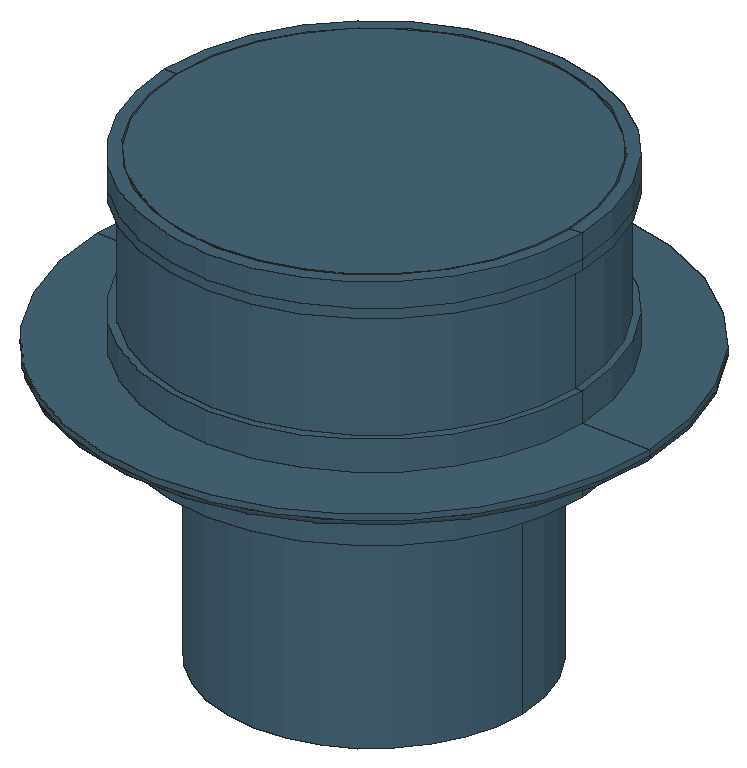
Revit family "Cleanout_Floor-Zurn-Z1400-K", category Plumbing Fixtures, Revit 2022
Family settings
  Round Connector Dimension = Use Radius
  Part Type = Normal
  OmniClass Number = 23.70.50.21.24.14
  OmniClass Title = Deck Waste Water Drains
  Work Plane-Based = No
  Always vertical = Yes
  Cut with Voids When Loaded = No
  Maintain Annotation Orientation = No
  Shared = No
  Room Calculation Point = No
Parameters (values of type "Load Family Type Catalog")
  ZS = no
  ZB/ZN = no
  Z = yes
  Waste Connection = 1 = 1  # yes
  WFU = 1  # constant formula
  Vent Connection = 1 = 0  # no
  URL = "www.zurn.com"
  Type Comments = "ZB1400-K 8 Inch Inside Caulk"
  Top Material = Iron - Zurn - Cast - Painted - Blue
  Product data url = "https://www.bimobject.com/en-us/zurnindustries/product/zurn-z1400-k"
  Product Page URL = "https://www.zurn.com/products/drainage-interceptors/cleanouts/cleanouts/z1400-k"
  Product Installation Sheet URL = ""
  Product Documentation Link = "https://files.zurn.com/spec-sheets/82525.pdf"
  Pipe Size_A Outer Diameter = 6.625"
  Pipe Size_A Nominal Diameter = 6.000"
  Pipe Size_A Inside Diameter = 6.065"
  Modified Date = "02/06/2026"  # constant formula
  Model = "Z1400-K"
  Manufacurer Brand = "Zurn"  # constant formula
  Manufacturer = "Zurn Water, LLC"  # constant formula
  Main Material = Iron - Zurn - Cast - Painted - Blue
  HWFU = 0  # constant formula
  HW Connection = 1 = 0  # no
  Grate Open Area = 0 mm
  Grate Diameter = [Dimension "C"] / 2 - 0.281"  # 4.344"
  Dimension "Y" [instance] = if(Z, if(Enter Y Dimension < 1.375", 1.375", if(Enter Y Dimension > 3.125", 3.125", Enter Y Dimension)), if(ZS, if(Enter Y Dimension < 1.563", 1.563", if(Enter Y Dimension > 3.313", 3.313", Enter Y Dimension)), if([ZB/ZN], if(Enter Y Dimension < 0.875", 0.875", if(Enter Y Dimension > 2.625", 2.625", Enter Y Dimension)), Enter Y Dimension)))  # 3.125"
  Enter Y Dimension [instance] = 10.000"
  Dimension "E" = 6.875"
  Dimension "C" = 9.250"
  Dimension "B" = 12.250"
  Description = "HEAVY-DUTY LEVEL-TROL ADJUSTABLE FLOOR CLEANOUT W/ ANCHOR FLANGE"  # constant formula
  Default Elevation = 20.000"  # constant formula
  Date Created = "02/05/2026"  # constant formula
  Connector Radius = Pipe Size_A Nominal Diameter / 2  # 3.000"
  CWFU = 0  # constant formula
  CW Connection = 1 = 0  # no
  Assembly Code = "D2030300"
  Approx. Weight (Lbs) = 39.200"
Types (3): name | Type Comments | Pipe Size_A Outer Diameter | Pipe Size_A Nominal Diameter | Pipe Size_A Inside Diameter | Grate Diameter | Dimension "E" | Dimension "C" | Dimension "B" | Connector Radius | Assembly Code | Approx. Weight (Lbs)
  (no name) | "ZB1400-K 8 Inch Inside Caulk" | 6.625" | 6.000" | 6.065" | 4.344" | 6.875" | 9.250" | 12.250" | 3.000" | "D2030300" | 39.200"
  Load Family Type Catalog | "ZB1400-K 8 Inch Inside Caulk" | 6.625" | 6.000" | 6.065" | 4.344" | 6.875" | 9.250" | 12.250" | 3.000" | "D2030300" | 39.200"
  Type 2 | "ZB1400-K 2 Inch NH" | 4.500" | 4.000" | 4.026" | 2.2815" | 5.875" | 5.125" | 7.500" | 2.000" | "D2030100" | 18.100"
Reference planes (in)
  plane 1 "Center (Front/Back)": y = 0
  plane 2: z = 0
  plane 3 "Center (Left/Right)": x = 0
  plane 4: x = -4.625
  plane 5: x = 4.625
  plane 6: x = 6.125
  plane 7: x = -6.125
  plane 8: x = -3.0325
  plane 9: x = 3.0325
  plane 10: y = -2.77257
  plane 11 "Top": z = 0
  plane 12 "end": z = -10
  plane 13: x = -3.3125
  plane 14: x = 3.3125
  plane 15: z = -0.52
  plane 16: x = 4.1125
  plane 17: x = -3
  plane 18: x = 3
  plane 19: y = 3
  plane 20: y = -3
  plane 21: z = -3.125
Forms (in)
  Revolve 1, solid, material "Iron - Zurn - Cast - Painted - Blue" <- "Main Material", detail levels fine
    sketch origin (0, 0, 0) x (1, 0, 0) y (0, 0, 1)
      loop
        line (6.125, -3.89822) -> (6.125, -3.77322) -> (4.625, -3.77322) -> (4.625, -3.125) -> (3, -3.125) -> (3, -4.55259) -> (3, -10) -> (3.3125, -10) -> (3.3125, -5.83083) -> (4.475, -5.23384) -> (4.625, -5.23384) -> (4.625, -4.03083) -> (5.9924, -4.03083)
        arc (5.9924, -4.03083) -> (6.08616, -3.99199) -> (6.125, -3.89822) r 0.1326
      axis (0, -3.125) -> (0, -10)
    angle from 0 to 360
  Revolve 2, solid, material "Iron - Zurn - Cast - Painted - Blue" <- "Top Material", detail levels fine
    sketch origin (0, 0, 0) x (1, 0, 0) y (0, 0, 1)
      loop
        line (4.375, 0) -> (4.375, -0.34114) -> (4.375, -3.125) -> (4.4698, -3.125) -> (4.4698, -0.7285) -> (4.625, -0.7285) -> (4.625, -0.52374) -> (4.625, 0) -> (4.375, 0)
      axis (0, -3.125) -> (0, 0)
    angle from 0 to 360
  Extrusion 3, solid, material "Iron - Zurn - Cast - Painted - Blue" <- "Top Material", detail levels fine
    sketch origin (0, 0, 0) x (1, 0, 0) y (0, 1, 0)
      loop
        circle (0, 0) r 4.344
    from -0.52 to 0
Lines and regions (in)
  Masking region 1
    outline origin (0, 0, 0) x (1, 0, 0) y (0, 1, 0)
      loop
        circle (0, 0) r 6.125
  model lines, detail levels coarse+medium
    curve 1: arc (4.625, 0, 0) -> (0, 4.625, 0) -> (-4.625, 0, 0) r 4.625
    curve 2: arc (-4.625, 0, 0) -> (0, -4.625, 0) -> (4.625, 0, 0) r 4.625
    curve 3: arc (4.344, 0, 0) -> (0, 4.344, 0) -> (-4.344, 0, 0) r 4.344
    curve 4: arc (-4.344, 0, 0) -> (0, -4.344, 0) -> (4.344, 0, 0) r 4.344
    curve 5: line (0, 0, 0) -> (0, 0, -10)
    curve 6: line (0, 3, -10) -> (0, -3, -10)
    curve 7: line (-3, 0, -10) -> (3, 0, -10)
Dimensions and locks (in)
  equal spacing: plane 4, plane 3 "Center (Left/Right)", plane 5
  "Dimension "C"": plane 4 to plane 5
  equal spacing: plane 7, plane 3 "Center (Left/Right)", plane 6
  "Dimension "B"": plane 7 to plane 6
  equal spacing: plane 8, plane 3 "Center (Left/Right)", plane 9
  "Pipe Size_A Inside Diameter": plane 8 to plane 9
  locked: plane 10 to plane 1 "Center (Front/Back)" at 2.77257
  locked: Revolve 1 sketch curve to Revolve 1 sketch curve at 0.125
  plane 6 to Revolve 1 sketch curve = 0.1326"
  equal spacing: plane 14, plane 3 "Center (Left/Right)", plane 13
  "Pipe Size_A Outer Diameter": plane 14 to plane 13
  locked: plane 11 "Top" to plane 15 at 0.52
  locked: plane 16 to plane 14 at 0.8
  equal spacing: plane 17, plane 3 "Center (Left/Right)", plane 18
  "Pipe Size_A Nominal Diameter": plane 17 to plane 18
  equal spacing: plane 20, plane 1 "Center (Front/Back)", plane 19
  "Pipe Size_A Nominal Diameter": plane 20 to plane 19
  locked: Revolve 2 sketch curve to Revolve 2 sketch curve at 0.7285
  locked: Revolve 2 sketch curve to Revolve 2 sketch curve at 0.1552
  locked: plane 5 to Revolve 2 sketch curve at 0.25
  locked: Revolve 1 sketch curve to Revolve 1 sketch curve at 0.15
  "Dimension "E"": plane 21 to plane 12 "end"
  locked: plane 21 to Revolve 1 sketch curve at 0.64822
  "Dimension "Y"": plane 11 "Top" to plane 21
  locked: level to plane 11 "Top"
  "Dimension "B"": diameter of Masking region 1 sketch curve
  "Grate Diameter": radius of Extrusion 3 sketch curve
  aligned and locked: plane 2 to level
  aligned and locked: plane 12 "end" to Revolve 1 sketch curve
  aligned and locked: plane 14 to Revolve 1 sketch curve
  aligned and locked: Revolve 2 sketch curve to plane 11 "Top"
  aligned and locked: curve 1 to Revolve 2
  aligned and locked: curve 2 to Revolve 2
  aligned and locked: plane 11 "Top" to curve 5
  aligned and locked: plane 12 "end" to curve 5
  aligned and locked: curve 5 to plane 3 "Center (Left/Right)"
  aligned and locked: plane 19 to curve 6
  aligned and locked: plane 20 to curve 6
  aligned and locked: curve 6 to plane 3 "Center (Left/Right)"
  aligned and locked: plane 17 to curve 7
  aligned and locked: plane 18 to curve 7
  aligned and locked: plane 1 "Center (Front/Back)" to curve 7
  aligned and locked: plane 6 to Revolve 1 sketch curve
  aligned and locked: plane 3 "Center (Left/Right)" to Masking region 1 sketch curve
  aligned and locked: plane 1 "Center (Front/Back)" to Masking region 1 sketch curve
  aligned and locked: Revolve 2 sketch curve to Revolve 2 sketch curve
  aligned and locked: plane 5 to Revolve 2 sketch curve
  aligned and locked: plane 18 to Revolve 1 sketch curve
  aligned and locked: Revolve 1 sketch curve to plane 5  (x2)
  aligned and locked: plane 5 to Revolve 1 sketch curve
  aligned and locked: Revolve 1 sketch curve to plane 21
  aligned and locked: Revolve 2 sketch curve to plane 21
  aligned and locked: Revolve 2 sketch curve to curve 5
  aligned and locked: plane 3 "Center (Left/Right)" to Extrusion 3 sketch curve
  aligned and locked: plane 1 "Center (Front/Back)" to Extrusion 3 sketch curve
  aligned and locked: level to Extrusion 3
  aligned and locked: plane 3 "Center (Left/Right)" to curve 4
  aligned and locked: plane 1 "Center (Front/Back)" to curve 4
  aligned and locked: plane 1 "Center (Front/Back)" to curve 3
Automatic sketch dimensions
  Revolve 1 sketch curve to plane 3 "Center (Left/Right)" = 0.000"
  Revolve 1 sketch curve to plane 12 "end" = 0.000"
  Revolve 1 sketch curve to plane 11 "Top" = 0.000"
  Revolve 1 sketch curve to Revolve 1 sketch curve = 0.52176"
  Revolve 1 sketch curve to Revolve 1 sketch curve = 1.27824"
  Revolve 1 sketch curve to Revolve 1 sketch curve = 0.59699"
  Revolve 2 sketch curve to plane 21 = 0.000"
  Revolve 2 sketch curve to plane 11 "Top" = 0.000"
  Revolve 2 sketch curve to plane 15 = 0.00374"
  plane 15 to Revolve 2 sketch curve = 0.17886"
  curve 4 to plane 6 = 1.781"
Connectors (in)
  piping at (0, 0, -10), diameter 6, driven by "Connector Radius", driven by "Waste Connection"
    settings: on Revolve 1, index 1, connector inside diameter 24", connector length 0.000", flow factor 0, pipe flow 0 GPM, pressure drop 0.00 psi, fitting loss kfactor 0, connector angle 0.00°, fixture units 0, engagement length 0.000", angle of deflection 0.00°, flow configuration 0, flow direction 2, fitting loss method 0, system type 16, joint type 0, gender type 0, connector reference index -1, connector utility 1, adjustable connector no, is connector primary yes, connector description "Sanitary Outlet"
Types in the file's own list only (68): name | ZB/ZN | Z | Type Comments | Top Material | Pipe Size_A Outer Diameter | Pipe Size_A Nominal Diameter | Pipe Size_A Inside Diameter | Model | Grate Open Area | Grate Diameter | Dimension "E" | Dimension "C" | Dimension "B" | Default Elevation | Connector Radius | Approx. Weight (Lbs)
  Z1400-K 2IC | No | Yes | "Z1400-K 2 Inch Inside Caulk" | Iron - Zurn - Cast - Painted - Blue | 2.375 " | 2.000 " | 2.067 " | "Z1400-K" | 0 ' | 2.782 " | 6.875 " | 6.125 " | 9.500 " | 20.000 " | 1.000 " | 18.100 "
  Z1400-K-3IC | No | Yes | "Z1400-K 3 Inch Inside Caulk" | Iron - Zurn - Cast - Painted - Blue | 3.500 " | 3.000 " | 3.068 " | "Z1400-K" | 0 ' | 2.782 " | 6.875 " | 6.125 " | 9.500 " | 20.000 " | 1.500 " | 18.800 "
  Z1400-K-4IC | No | Yes | "Z1400-K 4 Inch Inside Caulk" | Iron - Zurn - Cast - Painted - Blue | 4.500 " | 4.000 " | 4.026 " | "Z1400-K" | 0 ' | 3.344 " | 6.875 " | 7.250 " | 11.500 " | 20.000 " | 2.000 " | 20.300 "
  Z1400-K-5IC | No | Yes | "Z1400-K 5 Inch Inside Caulk" | Iron - Zurn - Cast - Painted - Blue | 5.563 " | 5.000 " | 5.047 " | "Z1400-K" | 0 ' | 3.844 " | 6.875 " | 8.250 " | 11.500 " | 20.000 " | 2.500 " | 25.200 "
  Z1400-K-6IC | No | Yes | "Z1400-K 6 Inch Inside Caulk" | Iron - Zurn - Cast - Painted - Blue | 6.625 " | 6.000 " | 6.065 " | "Z1400-K" | 0 ' | 4.344 " | 6.875 " | 9.250 " | 12.250 " | 20.000 " | 3.000 " | 39.200 "
  Z1400-K 2NH | No | Yes | "Z1400-K 2 Inch No-Hub" | Iron - Zurn - Cast - Painted - Blue | 2.375 " | 2.000 " | 2.067 " | "Z1400-K" | 0 ' | 1.782 " | 4.625 " | 4.125 " | 7.500 " | 20.000 " | 1.000 " | 11.300 "
  Z1400-K-3NH | No | Yes | "Z1400-K 3 Inch No-Hub" | Iron - Zurn - Cast - Painted - Blue | 3.500 " | 3.000 " | 3.068 " | "Z1400-K" | 0 ' | 2.282 " | 5.375 " | 5.125 " | 7.500 " | 20.000 " | 1.500 " | 10.000 "
  Z1400-K-4NH | No | Yes | "Z1400-K 4 Inch No-Hub" | Iron - Zurn - Cast - Painted - Blue | 4.500 " | 4.000 " | 4.026 " | "Z1400-K" | 0 ' | 2.282 " | 5.375 " | 5.125 " | 7.500 " | 20.000 " | 2.000 " | 12.600 "
  Z1400-K-5NH | No | Yes | "Z1400-K 5 Inch No-Hub" | Iron - Zurn - Cast - Painted - Blue | 5.563 " | 5.000 " | 5.047 " | "Z1400-K" | 0 ' | 3.344 " | 7.500 " | 7.250 " | 11.500 " | 20.000 " | 2.500 " | 20.200 "
  Z1400-K-6NH | No | Yes | "Z1400-K 6 Inch No-Hub" | Iron - Zurn - Cast - Painted - Blue | 6.625 " | 6.000 " | 6.065 " | "Z1400-K" | 0 ' | 3.782 " | 4.750 " | 8.125 " | 11.500 " | 20.000 " | 3.000 " | 29.200 "
  Z1400-K-8NH | No | Yes | "Z1400-K 8 Inch No-Hub" | Iron - Zurn - Cast - Painted - Blue | 8.625 " | 8.000 " | 7.981 " | "Z1400-K" | 0 ' | 4.344 " | 7.500 " | 9.250 " | 12.250 " | 20.000 " | 4.000 " | 37.900 "
  Z1400-K 2NL | No | Yes | "Z1400-K 2 Inch Neo-Loc" | Iron - Zurn - Cast - Painted - Blue | 2.375 " | 2.000 " | 2.067 " | "Z1400-K" | 0 ' | 2.282 " | 5.375 " | 5.125 " | 7.500 " | 20.000 " | 1.000 " | 12.200 "
  Z1400-K-3NL | No | Yes | "Z1400-K 3 Inch Neo-Loc" | Iron - Zurn - Cast - Painted - Blue | 3.500 " | 3.000 " | 3.068 " | "Z1400-K" | 0 ' | 2.282 " | 5.375 " | 5.125 " | 7.500 " | 20.000 " | 1.500 " | 12.900 "
  Z1400-K-4NL | No | Yes | "Z1400-K 4 Inch Neo-Loc" | Iron - Zurn - Cast - Painted - Blue | 4.500 " | 4.000 " | 4.026 " | "Z1400-K" | 0 ' | 2.282 " | 5.375 " | 5.125 " | 7.500 " | 20.000 " | 2.000 " | 14.200 "
  Z1400-K-5NL | No | Yes | "Z1400-K 5 Inch Neo-Loc" | Iron - Zurn - Cast - Painted - Blue | 5.563 " | 5.000 " | 5.047 " | "Z1400-K" | 0 ' | 3.344 " | 6.500 " | 7.250 " | 11.500 " | 20.000 " | 2.500 " | 21.300 "
  Z1400-K-6NL | No | Yes | "Z1400-K 6 Inch Neo-Loc" | Iron - Zurn - Cast - Painted - Blue | 6.625 " | 6.000 " | 6.065 " | "Z1400-K" | 0 ' | 3.844 " | 5.875 " | 8.250 " | 11.500 " | 20.000 " | 3.000 " | 28.900 "
  Z1400-K-8NL | No | Yes | "Z1400-K 8 Inch Neo-Loc" | Iron - Zurn - Cast - Painted - Blue | 8.625 " | 8.000 " | 7.981 " | "Z1400-K" | 0 ' | 4.344 " | 6.500 " | 9.250 " | 12.250 " | 20.000 " | 4.000 " | 31.500 "
  ZB1400-K 2IC | Yes | No | "ZB1400-K 2 Inch Inside Caulk" | Bronze - Zurn - Polished | 2.375 " | 2.000 " | 2.067 " | "ZB1400-K" | 0 ' | 2.782 " | 6.875 " | 6.125 " | 9.500 " | 20.000 " | 1.000 " | 18.100 "
  ZB1400-K-3IC | Yes | No | "ZB1400-K 3 Inch Inside Caulk" | Bronze - Zurn - Polished | 3.500 " | 3.000 " | 3.068 " | "ZB1400-K" | 0 ' | 2.782 " | 6.875 " | 6.125 " | 9.500 " | 20.000 " | 1.500 " | 18.800 "
  ZB1400-K-4IC | Yes | No | "ZB1400-K 4 Inch Inside Caulk" | Bronze - Zurn - Polished | 4.500 " | 4.000 " | 4.026 " | "ZB1400-K" | 0 ' | 3.344 " | 6.875 " | 7.250 " | 11.500 " | 20.000 " | 2.000 " | 20.300 "
  ZB1400-K-5IC | Yes | No | "ZB1400-K 5 Inch Inside Caulk" | Bronze - Zurn - Polished | 5.563 " | 5.000 " | 5.047 " | "ZB1400-K" | 0 ' | 3.844 " | 6.875 " | 8.250 " | 11.500 " | 20.000 " | 2.500 " | 25.200 "
  ZB1400-K-6IC | Yes | No | "ZB1400-K 6 Inch Inside Caulk" | Bronze - Zurn - Polished | 6.625 " | 6.000 " | 6.065 " | "ZB1400-K" | 0 ' | 4.344 " | 6.875 " | 9.250 " | 12.250 " | 20.000 " | 3.000 " | 39.200 "
  ZB1400-K 2NH | Yes | No | "ZB1400-K 2 Inch No-Hub" | Bronze - Zurn - Polished | 2.375 " | 2.000 " | 2.067 " | "ZB1400-K" | 0 ' | 1.782 " | 4.625 " | 4.125 " | 7.500 " | 20.000 " | 1.000 " | 11.300 "
  ZB1400-K-3NH | Yes | No | "ZB1400-K 3 Inch No-Hub" | Bronze - Zurn - Polished | 3.500 " | 3.000 " | 3.068 " | "ZB1400-K" | 0 ' | 2.282 " | 5.375 " | 5.125 " | 7.500 " | 20.000 " | 1.500 " | 10.000 "
  ZB1400-K-4NH | Yes | No | "ZB1400-K 4 Inch No-Hub" | Bronze - Zurn - Polished | 4.500 " | 4.000 " | 4.026 " | "ZB1400-K" | 0 ' | 2.282 " | 5.375 " | 5.125 " | 7.500 " | 20.000 " | 2.000 " | 12.600 "
  ZB1400-K-5NH | Yes | No | "ZB1400-K 5 Inch No-Hub" | Bronze - Zurn - Polished | 5.563 " | 5.000 " | 5.047 " | "ZB1400-K" | 0 ' | 3.344 " | 7.500 " | 7.250 " | 11.500 " | 20.000 " | 2.500 " | 20.200 "
  ZB1400-K-6NH | Yes | No | "ZB1400-K 6 Inch No-Hub" | Bronze - Zurn - Polished | 6.625 " | 6.000 " | 6.065 " | "ZB1400-K" | 0 ' | 3.782 " | 4.750 " | 8.125 " | 11.500 " | 20.000 " | 3.000 " | 29.200 "
  ZB1400-K-8NH | Yes | No | "ZB1400-K 8 Inch No-Hub" | Bronze - Zurn - Polished | 8.625 " | 8.000 " | 7.981 " | "ZB1400-K" | 0 ' | 4.344 " | 7.500 " | 9.250 " | 12.250 " | 20.000 " | 4.000 " | 37.900 "
  ZB1400-K 2NL | Yes | No | "ZB1400-K 2 Inch Neo-Loc" | Bronze - Zurn - Polished | 2.375 " | 2.000 " | 2.067 " | "ZB1400-K" | 0 ' | 2.282 " | 5.375 " | 5.125 " | 7.500 " | 20.000 " | 1.000 " | 12.200 "
  ZB1400-K-3NL | Yes | No | "ZB1400-K 3 Inch Neo-Loc" | Bronze - Zurn - Polished | 3.500 " | 3.000 " | 3.068 " | "ZB1400-K" | 0 ' | 2.282 " | 5.375 " | 5.125 " | 7.500 " | 20.000 " | 1.500 " | 12.900 "
  ZB1400-K-4NL | Yes | No | "ZB1400-K 4 Inch Neo-Loc" | Bronze - Zurn - Polished | 4.500 " | 4.000 " | 4.026 " | "ZB1400-K" | 0 ' | 2.282 " | 5.375 " | 5.125 " | 7.500 " | 20.000 " | 2.000 " | 14.200 "
  ZB1400-K-5NL | Yes | No | "ZB1400-K 5 Inch Neo-Loc" | Bronze - Zurn - Polished | 5.563 " | 5.000 " | 5.047 " | "ZB1400-K" | 0 ' | 3.344 " | 6.500 " | 7.250 " | 11.500 " | 20.000 " | 2.500 " | 21.300 "
  ZB1400-K-6NL | Yes | No | "ZB1400-K 6 Inch Neo-Loc" | Bronze - Zurn - Polished | 6.625 " | 6.000 " | 6.065 " | "ZB1400-K" | 0 ' | 3.844 " | 5.875 " | 8.250 " | 11.500 " | 20.000 " | 3.000 " | 28.900 "
  ZB1400-K-8NL | Yes | No | "ZB1400-K 8 Inch Neo-Loc" | Bronze - Zurn - Polished | 8.625 " | 8.000 " | 7.981 " | "ZB1400-K" | 0 ' | 4.344 " | 6.500 " | 9.250 " | 12.250 " | 20.000 " | 4.000 " | 31.500 "
  ZN1400-K 2IC | Yes | No | "ZN1400-K 2 Inch Inside Caulk" | Bronze - Zurn - Polished Nickel | 2.375 " | 2.000 " | 2.067 " | "ZN1400-K" | 0 ' | 2.782 " | 6.875 " | 6.125 " | 9.500 " | 20.000 " | 1.000 " | 18.100 "
  ZN1400-K-3IC | Yes | No | "ZN1400-K 3 Inch Inside Caulk" | Bronze - Zurn - Polished Nickel | 3.500 " | 3.000 " | 3.068 " | "ZN1400-K" | 0 ' | 2.782 " | 6.875 " | 6.125 " | 9.500 " | 20.000 " | 1.500 " | 18.800 "
  ZN1400-K-4IC | Yes | No | "ZN1400-K 4 Inch Inside Caulk" | Bronze - Zurn - Polished Nickel | 4.500 " | 4.000 " | 4.026 " | "ZN1400-K" | 0 ' | 3.344 " | 6.875 " | 7.250 " | 11.500 " | 20.000 " | 2.000 " | 20.300 "
  ZN1400-K-5IC | Yes | No | "ZN1400-K 5 Inch Inside Caulk" | Bronze - Zurn - Polished Nickel | 5.563 " | 5.000 " | 5.047 " | "ZN1400-K" | 0 ' | 3.844 " | 6.875 " | 8.250 " | 11.500 " | 20.000 " | 2.500 " | 25.200 "
  ZN1400-K-6IC | Yes | No | "ZN1400-K 6 Inch Inside Caulk" | Bronze - Zurn - Polished Nickel | 6.625 " | 6.000 " | 6.065 " | "ZN1400-K" | 0 ' | 4.344 " | 6.875 " | 9.250 " | 12.250 " | 20.000 " | 3.000 " | 39.200 "
  ZN1400-K 2NH | Yes | No | "ZN1400-K 2 Inch No-Hub" | Bronze - Zurn - Polished Nickel | 2.375 " | 2.000 " | 2.067 " | "ZN1400-K" | 0 ' | 1.782 " | 4.625 " | 4.125 " | 7.500 " | 20.000 " | 1.000 " | 11.300 "
  ZN1400-K-3NH | Yes | No | "ZN1400-K 3 Inch No-Hub" | Bronze - Zurn - Polished Nickel | 3.500 " | 3.000 " | 3.068 " | "ZN1400-K" | 0 ' | 2.282 " | 5.375 " | 5.125 " | 7.500 " | 20.000 " | 1.500 " | 10.000 "
  ZN1400-K-4NH | Yes | No | "ZN1400-K 4 Inch No-Hub" | Bronze - Zurn - Polished Nickel | 4.500 " | 4.000 " | 4.026 " | "ZN1400-K" | 0 ' | 2.282 " | 5.375 " | 5.125 " | 7.500 " | 20.000 " | 2.000 " | 12.600 "
  ZN1400-K-5NH | Yes | No | "ZN1400-K 5 Inch No-Hub" | Bronze - Zurn - Polished Nickel | 5.563 " | 5.000 " | 5.047 " | "ZN1400-K" | 0 ' | 3.344 " | 7.500 " | 7.250 " | 11.500 " | 20.000 " | 2.500 " | 20.200 "
  ZN1400-K-6NH | Yes | No | "ZN1400-K 6 Inch No-Hub" | Bronze - Zurn - Polished Nickel | 6.625 " | 6.000 " | 6.065 " | "ZN1400-K" | 0 ' | 3.782 " | 4.750 " | 8.125 " | 11.500 " | 20.000 " | 3.000 " | 29.200 "
  ZN1400-K-8NH | Yes | No | "ZN1400-K 8 Inch No-Hub" | Bronze - Zurn - Polished Nickel | 8.625 " | 8.000 " | 7.981 " | "ZN1400-K" | 0 ' | 4.344 " | 7.500 " | 9.250 " | 12.250 " | 20.000 " | 4.000 " | 37.900 "
  ZN1400-K 2NL | Yes | No | "ZN1400-K 2 Inch Neo-Loc" | Bronze - Zurn - Polished Nickel | 2.375 " | 2.000 " | 2.067 " | "ZN1400-K" | 0 ' | 2.282 " | 5.375 " | 5.125 " | 7.500 " | 20.000 " | 1.000 " | 12.200 "
  ZN1400-K-3NL | Yes | No | "ZN1400-K 3 Inch Neo-Loc" | Bronze - Zurn - Polished Nickel | 3.500 " | 3.000 " | 3.068 " | "ZN1400-K" | 0 ' | 2.282 " | 5.375 " | 5.125 " | 7.500 " | 20.000 " | 1.500 " | 12.900 "
  ZN1400-K-4NL | Yes | No | "ZN1400-K 4 Inch Neo-Loc" | Bronze - Zurn - Polished Nickel | 4.500 " | 4.000 " | 4.026 " | "ZN1400-K" | 0 ' | 2.282 " | 5.375 " | 5.125 " | 7.500 " | 20.000 " | 2.000 " | 14.200 "
  ZN1400-K-5NL | Yes | No | "ZN1400-K 5 Inch Neo-Loc" | Bronze - Zurn - Polished Nickel | 5.563 " | 5.000 " | 5.047 " | "ZN1400-K" | 0 ' | 3.344 " | 6.500 " | 7.250 " | 11.500 " | 20.000 " | 2.500 " | 21.300 "
  ZN1400-K-6NL | Yes | No | "ZN1400-K 6 Inch Neo-Loc" | Bronze - Zurn - Polished Nickel | 6.625 " | 6.000 " | 6.065 " | "ZN1400-K" | 0 ' | 3.844 " | 5.875 " | 8.250 " | 11.500 " | 20.000 " | 3.000 " | 28.900 "
  ZN1400-K-8NL | Yes | No | "ZN1400-K 8 Inch Neo-Loc" | Bronze - Zurn - Polished Nickel | 8.625 " | 8.000 " | 7.981 " | "ZN1400-K" | 0 ' | 4.344 " | 6.500 " | 9.250 " | 12.250 " | 20.000 " | 4.000 " | 31.500 "
  ZS1400-K 2IC | Yes | No | "ZS1400-K 2 Inch Inside Caulk" | Steel - Zurn - Stainless - Type - 304 | 2.375 " | 2.000 " | 2.067 " | "ZS1400-K" | 0 ' | 2.782 " | 6.875 " | 6.125 " | 9.500 " | 20.000 " | 1.000 " | 18.100 "
  ZS1400-K-3IC | Yes | No | "ZS1400-K 3 Inch Inside Caulk" | Steel - Zurn - Stainless - Type - 304 | 3.500 " | 3.000 " | 3.068 " | "ZS1400-K" | 0 ' | 2.782 " | 6.875 " | 6.125 " | 9.500 " | 20.000 " | 1.500 " | 18.800 "
  ZS1400-K-4IC | Yes | No | "ZS1400-K 4 Inch Inside Caulk" | Steel - Zurn - Stainless - Type - 304 | 4.500 " | 4.000 " | 4.026 " | "ZS1400-K" | 0 ' | 3.344 " | 6.875 " | 7.250 " | 11.500 " | 20.000 " | 2.000 " | 20.300 "
  ZS1400-K-5IC | Yes | No | "ZS1400-K 5 Inch Inside Caulk" | Steel - Zurn - Stainless - Type - 304 | 5.563 " | 5.000 " | 5.047 " | "ZS1400-K" | 0 ' | 3.844 " | 6.875 " | 8.250 " | 11.500 " | 20.000 " | 2.500 " | 25.200 "
  ZS1400-K-6IC | Yes | No | "ZS1400-K 6 Inch Inside Caulk" | Steel - Zurn - Stainless - Type - 304 | 6.625 " | 6.000 " | 6.065 " | "ZS1400-K" | 0 ' | 4.344 " | 6.875 " | 9.250 " | 12.250 " | 20.000 " | 3.000 " | 39.200 "
  ZS1400-K 2NH | Yes | No | "ZS1400-K 2 Inch No-Hub" | Steel - Zurn - Stainless - Type - 304 | 2.375 " | 2.000 " | 2.067 " | "ZS1400-K" | 0 ' | 1.782 " | 4.625 " | 4.125 " | 7.500 " | 20.000 " | 1.000 " | 11.300 "
  ZS1400-K-3NH | Yes | No | "ZS1400-K 3 Inch No-Hub" | Steel - Zurn - Stainless - Type - 304 | 3.500 " | 3.000 " | 3.068 " | "ZS1400-K" | 0 ' | 2.282 " | 5.375 " | 5.125 " | 7.500 " | 20.000 " | 1.500 " | 10.000 "
  ZS1400-K-4NH | Yes | No | "ZS1400-K 4 Inch No-Hub" | Steel - Zurn - Stainless - Type - 304 | 4.500 " | 4.000 " | 4.026 " | "ZS1400-K" | 0 ' | 2.282 " | 5.375 " | 5.125 " | 7.500 " | 20.000 " | 2.000 " | 12.600 "
  ZS1400-K-5NH | Yes | No | "ZS1400-K 5 Inch No-Hub" | Steel - Zurn - Stainless - Type - 304 | 5.563 " | 5.000 " | 5.047 " | "ZS1400-K" | 0 ' | 3.344 " | 7.500 " | 7.250 " | 11.500 " | 20.000 " | 2.500 " | 20.200 "
  ZS1400-K-6NH | Yes | No | "ZS1400-K 6 Inch No-Hub" | Steel - Zurn - Stainless - Type - 304 | 6.625 " | 6.000 " | 6.065 " | "ZS1400-K" | 0 ' | 3.782 " | 4.750 " | 8.125 " | 11.500 " | 20.000 " | 3.000 " | 29.200 "
  ZS1400-K-8NH | Yes | No | "ZS1400-K 8 Inch No-Hub" | Steel - Zurn - Stainless - Type - 304 | 8.625 " | 8.000 " | 7.981 " | "ZS1400-K" | 0 ' | 4.344 " | 7.500 " | 9.250 " | 12.250 " | 20.000 " | 4.000 " | 37.900 "
  ZS1400-K 2NL | Yes | No | "ZS1400-K 2 Inch Neo-Loc" | Steel - Zurn - Stainless - Type - 304 | 2.375 " | 2.000 " | 2.067 " | "ZS1400-K" | 0 ' | 2.282 " | 5.375 " | 5.125 " | 7.500 " | 20.000 " | 1.000 " | 12.200 "
  ZS1400-K-3NL | Yes | No | "ZS1400-K 3 Inch Neo-Loc" | Steel - Zurn - Stainless - Type - 304 | 3.500 " | 3.000 " | 3.068 " | "ZS1400-K" | 0 ' | 2.282 " | 5.375 " | 5.125 " | 7.500 " | 20.000 " | 1.500 " | 12.900 "
  ZS1400-K-4NL | Yes | No | "ZS1400-K 4 Inch Neo-Loc" | Steel - Zurn - Stainless - Type - 304 | 4.500 " | 4.000 " | 4.026 " | "ZS1400-K" | 0 ' | 2.282 " | 5.375 " | 5.125 " | 7.500 " | 20.000 " | 2.000 " | 14.200 "
  ZS1400-K-5NL | Yes | No | "ZS1400-K 5 Inch Neo-Loc" | Steel - Zurn - Stainless - Type - 304 | 5.563 " | 5.000 " | 5.047 " | "ZS1400-K" | 0 ' | 3.344 " | 6.500 " | 7.250 " | 11.500 " | 20.000 " | 2.500 " | 21.300 "
  ZS1400-K-6NL | Yes | No | "ZS1400-K 6 Inch Neo-Loc" | Steel - Zurn - Stainless - Type - 304 | 6.625 " | 6.000 " | 6.065 " | "ZS1400-K" | 0 ' | 3.844 " | 5.875 " | 8.250 " | 11.500 " | 20.000 " | 3.000 " | 28.900 "
  ZS1400-K-8NL | Yes | No | "ZS1400-K 8 Inch Neo-Loc" | Steel - Zurn - Stainless - Type - 304 | 8.625 " | 8.000 " | 7.981 " | "ZS1400-K" | 0 ' | 4.344 " | 6.500 " | 9.250 " | 12.250 " | 20.000 " | 4.000 " | 31.500 "
